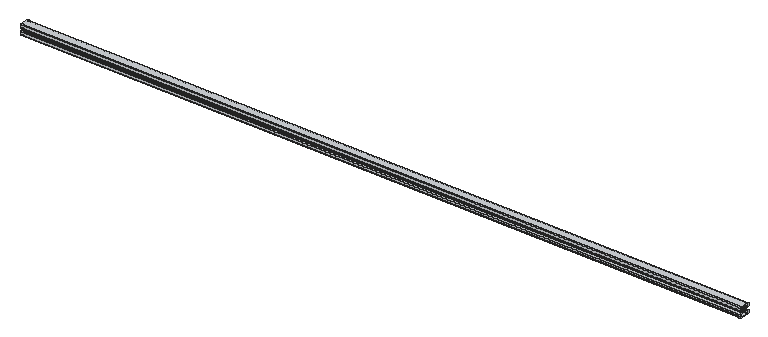
Revit family "33Z1.5x1.62 Web", category Structural Framing, Revit 2020
Family settings
  Section Shape = Not Defined
  Material for Model Behavior = Steel
  Always export as geometry = No
  OmniClass Number = 23.25.30.11.14.14
  OmniClass Title = Beams
  Always vertical = Yes
  Cut with Voids When Loaded = No
  Symbolic Representation = From Family
  Shared = No
  Show family pre-cut in plan views = Yes
Parameters
  Weight lbs per ft [instance] = 0.8487
  URL = "https://www.trussteel.com/details_files/pdf/ts010a.pdf"
  Total Member Weight lbs [instance] = Length / 1' 0" * Weight lbs per ft  # 8.487
  Structural Material = ASTM A653 SS Grade 40 G90
  Steel Design Thickness (in) [instance] = 0.0346
  Model = "33Z1.5x1.62"
  Manufacturer = "TrusSteel"
  Length [instance] = 10' - 0"
  Fy (ksi) [instance] = 40
  Fu (ksi) [instance] = 55
  Description = "Z Web"
  Cross Section Area (in2) [instance] = 0.2496
  Beam Width = 0' - 1 1/2"
  Beam Height = 0' - 1 5/8"
Reference planes (in)
  plane 1 "Center (Front/Back)": y = 0
  plane 2 "Center El.": z = 0
  plane 3 "Center (Left/Right)": x = 0
  plane 4 "Left": x = -60
  plane 5 "Right": x = 60
Forms (in)
  Extrusion 1, solid
    sketch origin (0, 0, 0) x (0, 1, 0) y (0, 0, 1)
      loop
        line (-0.639, 0.7779) -> (0.639, 0.7779)
        arc (0.639, 0.7779) -> (0.69302, 0.75552) -> (0.7154, 0.7015) r 0.0764
        line (0.7154, 0.7015) -> (0.7154, 0.2985)
        arc (0.7154, 0.2985) -> (0.69302, 0.24448) -> (0.639, 0.2221) r 0.0764
        line (0.639, 0.2221) -> (0.375, 0.2221) -> (0.375, 0.1875) -> (0.639, 0.1875)
        arc (0.639, 0.1875) -> (0.71749, 0.22001) -> (0.75, 0.2985) r 0.111
        line (0.75, 0.2985) -> (0.75, 0.7015)
        arc (0.75, 0.7015) -> (0.71749, 0.77999) -> (0.639, 0.8125) r 0.111
        line (0.639, 0.8125) -> (-0.639, 0.8125)
        arc (-0.639, 0.8125) -> (-0.71749, 0.77999) -> (-0.75, 0.7015) r 0.111
        line (-0.75, 0.7015) -> (-0.75, 0.2985)
        arc (-0.75, 0.2985) -> (-0.72846, 0.23279) -> (-0.6722, 0.19258) r 0.111
        line (-0.6722, 0.19258) -> (0.66185, -0.2256)
        arc (0.66185, -0.2256) -> (0.70057, -0.25327) -> (0.7154, -0.2985) r 0.0764
        line (0.7154, -0.2985) -> (0.7154, -0.7015)
        arc (0.7154, -0.7015) -> (0.69302, -0.75552) -> (0.639, -0.7779) r 0.0764
        line (0.639, -0.7779) -> (-0.639, -0.7779)
        arc (-0.639, -0.7779) -> (-0.69302, -0.75552) -> (-0.7154, -0.7015) r 0.0764
        line (-0.7154, -0.7015) -> (-0.7154, -0.2985)
        arc (-0.7154, -0.2985) -> (-0.69302, -0.24448) -> (-0.639, -0.2221) r 0.0764
        line (-0.639, -0.2221) -> (-0.375, -0.2221) -> (-0.375, -0.1875) -> (-0.639, -0.1875)
        arc (-0.639, -0.1875) -> (-0.71749, -0.22001) -> (-0.75, -0.2985) r 0.111
        line (-0.75, -0.2985) -> (-0.75, -0.7015)
        arc (-0.75, -0.7015) -> (-0.71749, -0.77999) -> (-0.639, -0.8125) r 0.111
        line (-0.639, -0.8125) -> (0.639, -0.8125)
        arc (0.639, -0.8125) -> (0.71749, -0.77999) -> (0.75, -0.7015) r 0.111
        line (0.75, -0.7015) -> (0.75, -0.2985)
        arc (0.75, -0.2985) -> (0.72846, -0.23279) -> (0.6722, -0.19258) r 0.111
        line (0.6722, -0.19258) -> (-0.66185, 0.2256)
        arc (-0.66185, 0.2256) -> (-0.70057, 0.25327) -> (-0.7154, 0.2985) r 0.0764
        line (-0.7154, 0.2985) -> (-0.7154, 0.7015)
        arc (-0.7154, 0.7015) -> (-0.69302, 0.75552) -> (-0.639, 0.7779) r 0.0764
    from -60 to 60
Dimensions and locks (in)
  equal spacing: plane 4 "Left", plane 3 "Center (Left/Right)", plane 5 "Right"
  "Length": plane 4 "Left" to plane 5 "Right"
  "Beam Width": Extrusion 1 to Extrusion 1
  "Beam Height": Extrusion 1 to Extrusion 1
  aligned and locked: level to plane 2 "Center El."
  aligned and locked: Extrusion 1 to plane 5 "Right"
  aligned and locked: plane 4 "Left" to Extrusion 1
Automatic sketch dimensions
  Extrusion 1 sketch curve to Extrusion 1 sketch curve = 0' - 0"  (x17)
  plane 1 "Center (Front/Back)" to Extrusion 1 sketch curve = 0' - 0 3/4"  (x2)
  Extrusion 1 sketch curve to Extrusion 1 sketch curve = 0' - 0.0346"  (x2)
  level to Extrusion 1 sketch curve = 0' - 0.19258"
  Extrusion 1 sketch curve to Extrusion 1 sketch curve = 0' - 0.0432"
  level to Extrusion 1 sketch curve = 0' - 0.2256"
  Extrusion 1 sketch curve to Extrusion 1 sketch curve = 0' - 0.0764"  (x6)
  Extrusion 1 sketch curve to Extrusion 1 sketch curve = 0' - 0.264"  (x3)
  level to Extrusion 1 sketch curve = 0' - 0 3/16"
  Extrusion 1 sketch curve to plane 1 "Center (Front/Back)" = 0' - 0 3/8"
  Extrusion 1 sketch curve to plane 1 "Center (Front/Back)" = 0' - 0.639"
  Extrusion 1 sketch curve to level = 0' - 0.2256"
  Extrusion 1 sketch curve to Extrusion 1 sketch curve = 0' - 0.02285"
  Extrusion 1 sketch curve to level = 0' - 0.19258"
  Extrusion 1 sketch curve to level = 0' - 0.2985"
  Extrusion 1 sketch curve to Extrusion 1 sketch curve = 0' - 0.403"  (x2)
